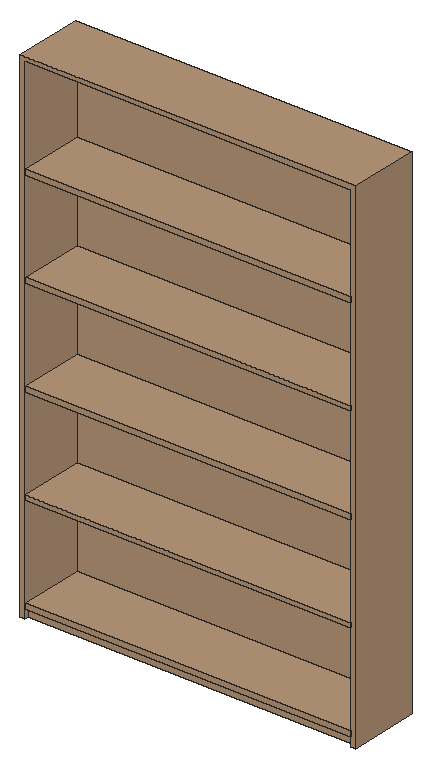
Revit family "Bookcase_Multi-Shelf", category Generic Models, Revit 2026
Family settings
  Can host rebar = No
  Round Connector Dimension = Use Diameter
  Part Type = Normal
  Classification Number = 23.40.20.24.34
  Work Plane-Based = No
  Always vertical = Yes
  Cut with Voids When Loaded = No
  Maintain Annotation Orientation = No
  Shared = No
  Room Calculation Point = No
Parameters (values of type "4x6 - 5 Shelves")
  shlfwdth = 3' - 10 185/256"
  shlfdpth = 0' - 7 95/256"
  Width [instance] = 4' - 0"
  Warranty Duration (Years) = 5
  Useable Shelf Space [instance] = (Width - 0' 1 1/2") * (Height - (Shelf Count * 0' 0 3/4")) * (Depth - 0' 0 3/4")  # 16.9884 CF
  Test Data = ""
  Specification = "http://www.arcat.com/divs/sec/sec12500.shtml"
  Shelving_LF [instance] = Width * Shelf Count  # 20' - 0"
  Shelf Spacing [instance] = (Height - 0' 2 1/2") / Shelf Count  # 1' - 1.9"
  Shelf Material = ARCAT - Wood - Oak_Red
  Shelf Heights [instance] = (Height - 0' 2 3/4" - (Shelf Count * 0' 0 3/4")) / (Shelf Count)  # 1' - 1.1"
  Shelf Count [instance] = 5
  Sales Information = ""
  Product Properties = "http://www.arcat.com/bim/bim_info.pl?fn=Bookcase_Multi-Shelf"
  Product Data = "http://www.arcat.com/divs/sec/sec12500.shtml"
  Model = "Generic"  # constant formula
  Manufacturer Website = "http://www.arcat.com/"
  Manufacturer Phone - Toll Free = ""
  Manufacturer Phone = "(203) 929-9444"  # constant formula
  Manufacturer Fax = "(203) 939-2444"  # constant formula
  Manufacturer Email = "bim@arcat.com"  # constant formula
  Manufacturer Address = "1077 Bridgeport Ave, Shelton, CT  06484"  # constant formula
  Manufacturer = "Generic"  # constant formula
  Maintenance Schedule (Months) = 5
  Keynote = "12500"
  Installation_Fabricaton = ""
  Installation Phase = ""
  Height [instance] = 6' - 0"
  Green Building-LEED = "http://www.arcat.com/green/green_building.shtml"
  Expected Lifespan (Years) = 0
  Drawn By = "Robert S. Weygant. CSI, CDT, SCIP"  # constant formula
  Description = "4' x 6' Bookcase - 5 Shelves"
  Depth [instance] = 0' - 10"
  Default Elevation = 0' - 0"
  Copyright = "2008, ARCAT, Inc."  # constant formula
  Construction Details = "http://www.arcat.com/divs/sec/sec12500.shtml"
  Building Codes = ""
  Body Material = ARCAT - Wood - Oak_Red
  Assembly Code = "E2020200"
Types (6): name | Useable Shelf Space | Shelving_LF | Shelf Spacing | Shelf Heights | Shelf Count | Height | Description
  4x4 -  5 Shelf | 11.0145 CF | 20' - 0" | 0' - 9.1" | 0' - 8.3" | 5 | 4' - 0" | "4' x 4' Bookcase - 5 Shelves"
  4x4 -  4 Shelf | 11.2012 CF | 16' - 0" | 0' - 11 3/8" | 0' - 10 9/16" | 4 | 4' - 0" | "4' x 4' Bookcase - 4 Shelves"
  4x4 -  3 Shelf | 11.3879 CF | 12' - 0" | 1' - 3.16667" | 1' - 2.33333" | 3 | 4' - 0" | "4' x 4' Bookcase - 3 Shelves"
  4x6 - 3 Shelves | 17.3618 CF | 12' - 0" | 1' - 11.16667" | 1' - 10.33333" | 3 | 6' - 0" | "4' x 6' Bookcase - 3 Shelves"
  4x6 - 4 Shelves | 17.3618 CF | 12' - 0" | 1' - 11.16667" | 1' - 10.33333" | 3 | 6' - 0" | "4' x 6' Bookcase - 4 Shelves"
  4x6 - 5 Shelves | 16.9884 CF | 20' - 0" | 1' - 1.9" | 1' - 1.1" | 5 | 6' - 0" | "4' x 6' Bookcase - 5 Shelves"
Reference planes (in)
  plane 1 "Center (Front/Back)": y = 0
  plane 2: z = 0
  plane 3 "Center (Left/Right)": x = 8.40945
  plane 4: y = 5.90551
  plane 5 "Face": y = -4.09449
  plane 6: x = -15.59055
  plane 7: x = 32.40945
  plane 8: z = 72
  plane 9: z = 15.9
  plane 10: z = 2
Forms (in)
  Extrusion 1, solid, material "ARCAT - Wood - Oak_Red" <- "Body Material"
    sketch origin (0, 0, 0) x (1, 0, 0) y (0, 1, 0)
      loop
        line (-15.59055, -4.09449) -> (32.40945, -4.09449) -> (32.40945, 5.90551) -> (-15.59055, 5.90551) -> (-15.59055, -4.09449)
    from 0 to 72
  Extrusion 2, void
    sketch origin (0.15748, 0, 0) x (1, 0, 0) y (0, 0, 1)
      loop
        line (-15.10049, 0) -> (31.62205, 0) -> (31.62205, 71.37106) -> (-15.10049, 71.37106) -> (-15.10049, 0)
    from -5.27559 to 4.09449
  Extrusion 3, solid, material "ARCAT - Wood - Oak_Red" <- "Body Material"
    sketch origin (0, 0, 0) x (1, 0, 0) y (0, 1, 0)
      loop
        line (-14.94301, -3.48375) -> (31.77953, -3.48375) -> (31.77953, -2.85382) -> (-14.94301, -2.85382) -> (-14.94301, -3.48375)
    from 0 to 1.25
  Extrusion 4, solid, material "ARCAT - Wood - Oak_Red" <- "Shelf Material"
    sketch origin (0, -4.09449, 0) x (-1, 0, 0) y (0, 0, 1)
      loop
        line (14.94301, 2) -> (-31.77953, 2) -> (-31.77953, 1.25) -> (14.94301, 1.25) -> (14.94301, 2)
    from 0 to 10 <- "Depth"
  Extrusion 5, solid, material "ARCAT - Wood - Oak_Red" <- "Shelf Material"
    sketch origin (0, -4.09449, 13.9) x (-1, 0, 0) y (0, 0, 1)
      loop
        line (14.94301, 2) -> (-31.77953, 2) -> (-31.77953, 1.25) -> (14.94301, 1.25) -> (14.94301, 2)
    from 0 to 10 <- "Depth"
  Extrusion 6, solid, material "ARCAT - Wood - Oak_Red" <- "Shelf Material"
    sketch origin (0, -4.09449, 27.8) x (-1, 0, 0) y (0, 0, 1)
      loop
        line (14.94301, 2) -> (-31.77953, 2) -> (-31.77953, 1.25) -> (14.94301, 1.25) -> (14.94301, 2)
    from 0 to 10 <- "Depth"
  Extrusion 7, solid, material "ARCAT - Wood - Oak_Red" <- "Shelf Material"
    sketch origin (0, -4.09449, 41.7) x (-1, 0, 0) y (0, 0, 1)
      loop
        line (14.94301, 2) -> (-31.77953, 2) -> (-31.77953, 1.25) -> (14.94301, 1.25) -> (14.94301, 2)
    from 0 to 10 <- "Depth"
  Extrusion 8, solid, material "ARCAT - Wood - Oak_Red" <- "Shelf Material"
    sketch origin (0, -4.09449, 55.6) x (-1, 0, 0) y (0, 0, 1)
      loop
        line (14.94301, 2) -> (-31.77953, 2) -> (-31.77953, 1.25) -> (14.94301, 1.25) -> (14.94301, 2)
    from 0 to 10 <- "Depth"
Cuts and joins
  Extrusion 2 cuts Extrusion 1
Dimensions and locks (in)
  "Depth": plane 4 to plane 5 "Face"
  locked: cut or joined group of Extrusion 1, Extrusion 2 to cut or joined group of Extrusion 1, Extrusion 2 at 0.62992  (x2)
  locked: cut or joined group of Extrusion 1, Extrusion 2 to cut or joined group of Extrusion 1, Extrusion 2 at 0.64754
  "Width": plane 6 to plane 7
  locked: cut or joined group of Extrusion 1, Extrusion 2 to cut or joined group of Extrusion 1, Extrusion 2 at 0.62894
  "Height": plane 8 to level
  locked: Extrusion 3 to plane 5 "Face" at 0.61074
  plane 10 to plane 2 = 0' - 2"
  "Shelf Spacing": plane 9 to plane 10
  equal spacing: plane 6, plane 3 "Center (Left/Right)", plane 7
  locked: Extrusion 4 sketch curve to Extrusion 4 sketch curve at 0.75
  locked: Extrusion 5 sketch curve to Extrusion 5 sketch curve at 0.75
  equal spacing: group 1, group 2, group 3, group 4, group 5  (x3)
  locked: Extrusion 6 sketch curve to Extrusion 6 sketch curve at 0.75
  locked: Extrusion 7 sketch curve to Extrusion 7 sketch curve at 0.75
  locked: Extrusion 8 sketch curve to Extrusion 8 sketch curve at 0.75
  aligned and locked: Extrusion 1 to plane 4
  aligned and locked: Extrusion 1 to plane 7
  aligned and locked: Extrusion 1 to plane 8
  aligned and locked: Extrusion 1 to level
  aligned and locked: cut or joined group of Extrusion 1, Extrusion 2 to Extrusion 3 sketch curve  (x2)
  aligned and locked: cut or joined group of Extrusion 1, Extrusion 2 to plane 5 "Face"
  aligned and locked: plane 9 to Extrusion 5
Automatic sketch dimensions
  Extrusion 1 sketch curve to plane 4 = 0' - 0"
  Extrusion 1 sketch curve to plane 6 = 0' - 0"
  Extrusion 1 sketch curve to plane 7 = 0' - 0"
  Extrusion 1 sketch curve to plane 5 "Face" = 0' - 0"
  Extrusion 2 sketch curve to level = 0' - 0"
  Extrusion 2 sketch curve to plane 6 = 0' - 0.64754"
  plane 7 to Extrusion 2 sketch curve = 0' - 0.62992"
  Extrusion 2 sketch curve to plane 8 = 0' - 0.62894"
  plane 5 "Face" to Extrusion 3 sketch curve = 0' - 0.61074"
  Extrusion 3 sketch curve to Extrusion 3 sketch curve = 0' - 0.62992"
  Extrusion 4 sketch curve to Extrusion 4 sketch curve = 3' - 10.72254"
  Extrusion 5 sketch curve to Extrusion 5 sketch curve = 3' - 10.72254"
  Extrusion 6 sketch curve to Extrusion 6 sketch curve = 3' - 10.72254"
  Extrusion 7 sketch curve to Extrusion 7 sketch curve = 3' - 10.72254"
  Extrusion 8 sketch curve to Extrusion 8 sketch curve = 3' - 10.72254"
